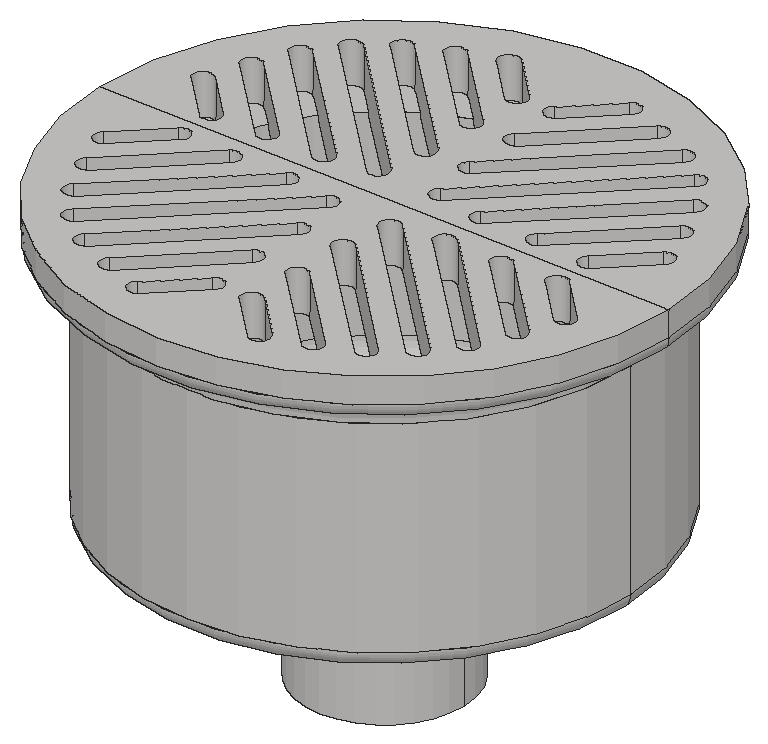
Revit family
Parameters (values of type "9614-2"")
  Width = 8"
  Waste Connection Radius = 1"
  Waste Connection Diameter = Waste Connection Radius * 2  # 2"
  Waste Connection = yes
  Vent Connection = no
  URL = "www.jrsmith.com"
  Price = "Prices may vary. Please consult Manufacturer Representative for most up-to-date price list."  # constant formula
  Phone Number = "416-250-5656"  # constant formula
  Omniclass Table 23 Title = "Waste Water Drains"  # constant formula
  Omniclass Table 23 Code = "23.70.50.21.24"  # constant formula
  Model = "9614-2\""
  Material = Metal-Jay R Smith-Stainless Steel
  Masterformat Title = "Sanitary Drains"  # constant formula
  Masterformat Number = "22 13 19.13"  # constant formula
  Manufacturer = "Jay R. Smith"
  Length = Width  # 8"
  Height = 6"
  HW Connection = no
  Description = "8\" Round top general purpose floor drain for medium duty use."
  Default Elevation = 0"
  Creation Date = "27/10/2014"  # constant formula
  Created By = "Allied Technical Services"  # constant formula
  CW Connection = no
  Assembly Code = "D2030300"
  ATS URL = "http://www.atsspec.net"
Types (7): name | Waste Connection Radius | Waste Connection Diameter | Model | Height
  (no name) | 1" | 2" | "9614-2\"" | 6"
  9614-2" | 1" | 2" | "9614-2\"" | 6"
  9614-3" | 1 1/2" | 3" | "9614-3\"" | 6"
  9614-4" | 2" | 4" | "9614-4\"" | 6"
  9615-2" | 1" | 2" | "9615-2\"" | 8"
  9615-3" | 1 1/2" | 3" | "9615-3\"" | 8"
  9615-4" | 2" | 4" | "9615-4\"" | 8"
Reference planes (in)
  plane 1 "Center (Front/Back)": y = 0
  plane 2: z = 0
  plane 3 "Center (Left/Right)": x = 0
  plane 4: x = -4
  plane 5: x = 4
  plane 6: z = 6
  plane 7: z = 2
  plane 8: x = -1
  plane 9: x = 1
  plane 10: x = 0
  plane 11: y = 2.66774
  plane 12: x = -0.26831
  plane 13: y = 0.28125
  plane 14: y = 0
  plane 15: z = 5.4312
Forms (in)
  Revolve 1, solid, material "Metal-Jay R Smith-Stainless Steel" <- "Material"
    sketch origin (0, 0, 0) x (1, 0, 0) y (0, 0, 1)
      loop
        line (-4, 6) -> (-4, 5.64194)
        arc (-4, 5.64194) -> (-3.93828, 5.49293) -> (-3.78926, 5.4312) r 0.21074
        arc (-3.78926, 5.4312) -> (-3.55681, 5.33492) -> (-3.46053, 5.10248) r 0.32872
        line (-3.46053, 5.10248) -> (-3.46053, 2.21875)
        arc (-3.46053, 2.21875) -> (-3.39646, 2.06407) -> (-3.24178, 2) r 0.21875
        line (-3.24178, 2) -> (-1.125, 2) -> (-1.125, 0) -> (-1, 0) -> (-1, 2.25) -> (-2.58944, 2.25)
        arc (-2.58944, 2.25) -> (-2.85184, 2.35869) -> (-2.96053, 2.62109) r 0.37109
        line (-2.96053, 2.62109) -> (-2.96053, 5.4312) -> (0, 5.4312) -> (0, 6) -> (-4, 6)
      axis (0, 6) -> (0, 0)
    angle from 0 to 360
  Extrusion 2, void
    sketch origin (21.87203, 19.47085, 0) x (1, 0, 0) y (0, 1, 0)
      loop
        line (-24.99062, -18.12918) -> (-23.87496, -19.24484)
        arc (-23.87496, -19.24484) -> (-23.67609, -19.24484) -> (-23.67609, -19.04596) r 0.14063
        line (-23.67609, -19.04596) -> (-24.79175, -17.9303)
        arc (-24.79175, -17.9303) -> (-24.99062, -17.9303) -> (-24.99062, -18.12918) r 0.14062
      loop
        line (-24.74202, -17.58229) -> (-23.07947, -19.24484)
        arc (-23.07947, -19.24484) -> (-22.88059, -19.24484) -> (-22.88059, -19.04596) r 0.14062
        line (-22.88059, -19.04596) -> (-24.54315, -17.38341)
        arc (-24.54315, -17.38341) -> (-24.74202, -17.38341) -> (-24.74202, -17.58229) r 0.14062
      loop
        line (-24.3911, -17.13771) -> (-22.40897, -19.11984)
        arc (-22.40897, -19.11984) -> (-22.2101, -19.11984) -> (-22.2101, -18.92096) r 0.14063
        line (-22.2101, -18.92096) -> (-24.19223, -16.93883)
        arc (-24.19223, -16.93883) -> (-24.3911, -16.93883) -> (-24.3911, -17.13771) r 0.14062
      loop
        line (-23.94652, -16.78679) -> (-22.28397, -18.44934)
        arc (-22.28397, -18.44934) -> (-22.0851, -18.44934) -> (-22.0851, -18.25047) r 0.14062
        line (-22.0851, -18.25047) -> (-23.74765, -16.58792)
        arc (-23.74765, -16.58792) -> (-23.94652, -16.58792) -> (-23.94652, -16.78679) r 0.14062
      loop
        line (-23.39963, -16.53819) -> (-22.28397, -17.65385)
        arc (-22.28397, -17.65385) -> (-22.0851, -17.65385) -> (-22.0851, -17.45497) r 0.14063
        line (-22.0851, -17.45497) -> (-23.20076, -16.33931)
        arc (-23.20076, -16.33931) -> (-23.39963, -16.33931) -> (-23.39963, -16.53819) r 0.14062
      loop
        line (-22.82511, -16.31721) -> (-22.23978, -16.90255)
        arc (-22.23978, -16.90255) -> (-22.0409, -16.90255) -> (-22.0409, -16.70367) r 0.14062
        line (-22.0409, -16.70367) -> (-22.62614, -16.11843)
        arc (-22.62614, -16.11843) -> (-22.82506, -16.11829) -> (-22.82511, -16.31721) r 0.14063
      loop
        line (-25.21164, -18.70366) -> (-24.62626, -19.28903)
        arc (-24.62626, -19.28903) -> (-24.42739, -19.28903) -> (-24.42739, -19.09016) r 0.14063
        line (-24.42739, -19.09016) -> (-25.0128, -18.50475)
        arc (-25.0128, -18.50475) -> (-25.21161, -18.50485) -> (-25.21164, -18.70366) r 0.14063
      loop
        arc (-18.75344, -18.12918) -> (-18.75344, -17.9303) -> (-18.95232, -17.9303) r 0.14062
        line (-18.95232, -17.9303) -> (-20.06798, -19.04596)
        arc (-20.06798, -19.04596) -> (-20.06798, -19.24484) -> (-19.86911, -19.24484) r 0.14063
        line (-19.86911, -19.24484) -> (-18.75344, -18.12918)
      loop
        arc (-19.00205, -17.58229) -> (-19.00205, -17.38341) -> (-19.20092, -17.38341) r 0.14062
        line (-19.20092, -17.38341) -> (-20.86348, -19.04596)
        arc (-20.86348, -19.04596) -> (-20.86348, -19.24484) -> (-20.6646, -19.24484) r 0.14062
        line (-20.6646, -19.24484) -> (-19.00205, -17.58229)
      loop
        arc (-19.35297, -17.13771) -> (-19.35297, -16.93883) -> (-19.55184, -16.93883) r 0.14062
        line (-19.55184, -16.93883) -> (-21.53397, -18.92096)
        arc (-21.53397, -18.92096) -> (-21.53397, -19.11984) -> (-21.3351, -19.11984) r 0.14063
        line (-21.3351, -19.11984) -> (-19.35297, -17.13771)
      loop
        arc (-19.79754, -16.78679) -> (-19.79754, -16.58792) -> (-19.99642, -16.58792) r 0.14062
        line (-19.99642, -16.58792) -> (-21.65897, -18.25047)
        arc (-21.65897, -18.25047) -> (-21.65897, -18.44934) -> (-21.4601, -18.44934) r 0.14062
        line (-21.4601, -18.44934) -> (-19.79754, -16.78679)
      loop
        arc (-20.34443, -16.53819) -> (-20.34443, -16.33931) -> (-20.54331, -16.33931) r 0.14062
        line (-20.54331, -16.33931) -> (-21.65897, -17.45497)
        arc (-21.65897, -17.45497) -> (-21.65897, -17.65385) -> (-21.4601, -17.65385) r 0.14063
        line (-21.4601, -17.65385) -> (-20.34443, -16.53819)
      loop
        arc (-20.91896, -16.31721) -> (-20.919, -16.11829) -> (-21.11792, -16.11843) r 0.14063
        line (-21.11792, -16.11843) -> (-21.70316, -16.70367)
        arc (-21.70316, -16.70367) -> (-21.70316, -16.90255) -> (-21.50429, -16.90255) r 0.14062
        line (-21.50429, -16.90255) -> (-20.91896, -16.31721)
      loop
        arc (-18.53243, -18.70366) -> (-18.53245, -18.50485) -> (-18.73127, -18.50475) r 0.14063
        line (-18.73127, -18.50475) -> (-19.31668, -19.09016)
        arc (-19.31668, -19.09016) -> (-19.31668, -19.28903) -> (-19.11781, -19.28903) r 0.14063
        line (-19.11781, -19.28903) -> (-18.53243, -18.70366)
      loop
        arc (-24.99062, -20.81252) -> (-24.99062, -21.01139) -> (-24.79175, -21.01139) r 0.14062
        line (-24.79175, -21.01139) -> (-23.67609, -19.89573)
        arc (-23.67609, -19.89573) -> (-23.67609, -19.69685) -> (-23.87496, -19.69685) r 0.14063
        line (-23.87496, -19.69685) -> (-24.99062, -20.81252)
      loop
        arc (-24.74202, -21.35941) -> (-24.74202, -21.55828) -> (-24.54315, -21.55828) r 0.14062
        line (-24.54315, -21.55828) -> (-22.88059, -19.89573)
        arc (-22.88059, -19.89573) -> (-22.88059, -19.69685) -> (-23.07947, -19.69685) r 0.14062
        line (-23.07947, -19.69685) -> (-24.74202, -21.35941)
      loop
        arc (-24.3911, -21.80398) -> (-24.3911, -22.00286) -> (-24.19223, -22.00286) r 0.14062
        line (-24.19223, -22.00286) -> (-22.2101, -20.02073)
        arc (-22.2101, -20.02073) -> (-22.2101, -19.82185) -> (-22.40897, -19.82185) r 0.14063
        line (-22.40897, -19.82185) -> (-24.3911, -21.80398)
      loop
        arc (-23.94652, -22.1549) -> (-23.94652, -22.35377) -> (-23.74765, -22.35377) r 0.14062
        line (-23.74765, -22.35377) -> (-22.0851, -20.69122)
        arc (-22.0851, -20.69122) -> (-22.0851, -20.49235) -> (-22.28397, -20.49235) r 0.14062
        line (-22.28397, -20.49235) -> (-23.94652, -22.1549)
      loop
        arc (-23.39963, -22.40351) -> (-23.39963, -22.60238) -> (-23.20076, -22.60238) r 0.14062
        line (-23.20076, -22.60238) -> (-22.0851, -21.48672)
        arc (-22.0851, -21.48672) -> (-22.0851, -21.28784) -> (-22.28397, -21.28784) r 0.14063
        line (-22.28397, -21.28784) -> (-23.39963, -22.40351)
      loop
        arc (-22.82511, -22.62448) -> (-22.82506, -22.8234) -> (-22.62614, -22.82326) r 0.14063
        line (-22.62614, -22.82326) -> (-22.0409, -22.23802)
        arc (-22.0409, -22.23802) -> (-22.0409, -22.03914) -> (-22.23978, -22.03914) r 0.14062
        line (-22.23978, -22.03914) -> (-22.82511, -22.62448)
      loop
        arc (-25.21164, -20.23803) -> (-25.21161, -20.43685) -> (-25.0128, -20.43695) r 0.14063
        line (-25.0128, -20.43695) -> (-24.42739, -19.85153)
        arc (-24.42739, -19.85153) -> (-24.42739, -19.65266) -> (-24.62626, -19.65266) r 0.14063
        line (-24.62626, -19.65266) -> (-25.21164, -20.23803)
      loop
        line (-18.75344, -20.81252) -> (-19.86911, -19.69685)
        arc (-19.86911, -19.69685) -> (-20.06798, -19.69685) -> (-20.06798, -19.89573) r 0.14063
        line (-20.06798, -19.89573) -> (-18.95232, -21.01139)
        arc (-18.95232, -21.01139) -> (-18.75344, -21.01139) -> (-18.75344, -20.81252) r 0.14062
      loop
        line (-19.00205, -21.35941) -> (-20.6646, -19.69685)
        arc (-20.6646, -19.69685) -> (-20.86348, -19.69685) -> (-20.86348, -19.89573) r 0.14062
        line (-20.86348, -19.89573) -> (-19.20092, -21.55828)
        arc (-19.20092, -21.55828) -> (-19.00205, -21.55828) -> (-19.00205, -21.35941) r 0.14062
      loop
        line (-19.35297, -21.80398) -> (-21.3351, -19.82185)
        arc (-21.3351, -19.82185) -> (-21.53397, -19.82185) -> (-21.53397, -20.02073) r 0.14063
        line (-21.53397, -20.02073) -> (-19.55184, -22.00286)
        arc (-19.55184, -22.00286) -> (-19.35297, -22.00286) -> (-19.35297, -21.80398) r 0.14062
      loop
        line (-19.79754, -22.1549) -> (-21.4601, -20.49235)
        arc (-21.4601, -20.49235) -> (-21.65897, -20.49235) -> (-21.65897, -20.69122) r 0.14062
        line (-21.65897, -20.69122) -> (-19.99642, -22.35377)
        arc (-19.99642, -22.35377) -> (-19.79754, -22.35377) -> (-19.79754, -22.1549) r 0.14062
      loop
        line (-20.34443, -22.40351) -> (-21.4601, -21.28784)
        arc (-21.4601, -21.28784) -> (-21.65897, -21.28784) -> (-21.65897, -21.48672) r 0.14063
        line (-21.65897, -21.48672) -> (-20.54331, -22.60238)
        arc (-20.54331, -22.60238) -> (-20.34443, -22.60238) -> (-20.34443, -22.40351) r 0.14062
      loop
        line (-20.91896, -22.62448) -> (-21.50429, -22.03914)
        arc (-21.50429, -22.03914) -> (-21.70316, -22.03914) -> (-21.70316, -22.23802) r 0.14062
        line (-21.70316, -22.23802) -> (-21.11792, -22.82326)
        arc (-21.11792, -22.82326) -> (-20.919, -22.8234) -> (-20.91896, -22.62448) r 0.14063
      loop
        line (-18.53243, -20.23803) -> (-19.11781, -19.65266)
        arc (-19.11781, -19.65266) -> (-19.31668, -19.65266) -> (-19.31668, -19.85153) r 0.14063
        line (-19.31668, -19.85153) -> (-18.73127, -20.43695)
        arc (-18.73127, -20.43695) -> (-18.53245, -20.43685) -> (-18.53243, -20.23803) r 0.14063
    from 5.4312 to 9.81898
Cuts and joins
  Extrusion 2 cuts Revolve 1
Dimensions and locks (in)
  "Height": plane 6 to plane 2
  "Waste Connection Diameter": plane 9 to plane 8
  "Width": plane 5 to plane 4
  plane 7 to level = 2"
  equal spacing: plane 9, plane 3 "Center (Left/Right)", plane 8
  equal spacing: plane 5, plane 3 "Center (Left/Right)", plane 4
  locked: plane 8 to Revolve 1 sketch curve at 0.125
  plane 6 to plane 7 = 4"
  locked: plane 6 to plane 15 at 0.5688
  aligned and locked: plane 8 to Revolve 1 sketch curve
  aligned and locked: cut or joined group of Revolve 1, Extrusion 2 to plane 15
Automatic sketch dimensions
  plane 13 to Extrusion 2 sketch curve = 0"  (x2)
  Extrusion 2 sketch curve to plane 11 = 0"
  Extrusion 2 sketch curve to plane 12 = 0"  (x2)
  plane 11 to Extrusion 2 sketch curve = 0"
  plane 12 to Extrusion 2 sketch curve = 0.04419"  (x4)
  plane 12 to Extrusion 2 sketch curve = 0.06976"  (x2)
  plane 12 to Extrusion 2 sketch curve = 0.09944"  (x2)
  Extrusion 2 sketch curve to Extrusion 2 sketch curve = 0.09944"  (x120)
  Extrusion 2 sketch curve to plane 13 = 0.06976"  (x2)
  plane 12 to Extrusion 2 sketch curve = 0.4858"  (x2)
  Extrusion 2 sketch curve to Extrusion 2 sketch curve = 0.09953"  (x4)
  Extrusion 2 sketch curve to plane 13 = 0.14363"  (x4)
  Extrusion 2 sketch curve to Extrusion 2 sketch curve = 0.47162"  (x8)
  Extrusion 2 sketch curve to plane 13 = 0.04419"  (x4)
  plane 13 to Extrusion 2 sketch curve = 0.05524"  (x4)
  plane 11 to Extrusion 2 sketch curve = 0.4638"
  Extrusion 2 sketch curve to Extrusion 2 sketch curve = 0.37565"  (x4)
  plane 11 to Extrusion 2 sketch curve = 0.26492"  (x2)
  Extrusion 2 sketch curve to Extrusion 2 sketch curve = 0.59662"  (x7)
  Extrusion 2 sketch curve to Extrusion 2 sketch curve = 0.34802"  (x7)
  plane 11 to Extrusion 2 sketch curve = 0.21519"  (x2)
  plane 11 to Extrusion 2 sketch curve = 0.01632"  (x2)
  Extrusion 2 sketch curve to plane 11 = 0.13572"  (x2)
  Extrusion 2 sketch curve to Extrusion 2 sketch curve = 0.2457"  (x6)
  plane 14 to Extrusion 2 sketch curve = 0.38069"  (x2)
  Extrusion 2 sketch curve to Extrusion 2 sketch curve = 0.55243"  (x6)
  Extrusion 2 sketch curve to plane 13 = 0.09944"  (x2)
  Extrusion 2 sketch curve to Extrusion 2 sketch curve = 0.15204"  (x6)
  plane 13 to Extrusion 2 sketch curve = 0.09944"  (x2)
  plane 14 to Extrusion 2 sketch curve = 0.18181"  (x2)
  Extrusion 2 sketch curve to plane 11 = 1.12719"  (x2)
  Extrusion 2 sketch curve to Extrusion 2 sketch curve = 0.04973"  (x6)
  Extrusion 2 sketch curve to plane 13 = 1.06042"
  Extrusion 2 sketch curve to Extrusion 2 sketch curve = 0.02218"  (x4)
  Extrusion 2 sketch curve to Extrusion 2 sketch curve = 0.09936"  (x4)
  plane 14 to Extrusion 2 sketch curve = 0.76719"
  Extrusion 2 sketch curve to Extrusion 2 sketch curve = 0.09948"  (x4)
  Extrusion 2 sketch curve to plane 12 = 0.05524"  (x4)
  Extrusion 2 sketch curve to plane 12 = 0.09944"  (x2)
  plane 10 to Extrusion 2 sketch curve = 0.16887"  (x2)
  plane 10 to Extrusion 2 sketch curve = 0.21306"  (x4)
  plane 10 to Extrusion 2 sketch curve = 0.33806"  (x2)
  plane 10 to Extrusion 2 sketch curve = 0.75411"  (x2)
  plane 14 to Extrusion 2 sketch curve = 0.42488"  (x4)
  plane 14 to Extrusion 2 sketch curve = 0.22601"
  Extrusion 2 sketch curve to plane 11 = 0.77917"
  plane 14 to Extrusion 2 sketch curve = 1.34167"
  Extrusion 2 sketch curve to Extrusion 2 sketch curve = 0.57448"
  plane 14 to Extrusion 2 sketch curve = 1.817"
  Extrusion 2 sketch curve to Extrusion 2 sketch curve = 0"  (x2)
  Extrusion 2 sketch curve to Extrusion 2 sketch curve = 0.0221"  (x4)
  Extrusion 2 sketch curve to Extrusion 2 sketch curve = 0.19891"
  Extrusion 2 sketch curve to Extrusion 2 sketch curve = 0.37557"
  Extrusion 2 sketch curve to Extrusion 2 sketch curve = 0.09952"
  Extrusion 2 sketch curve to plane 13 = 0.48594"  (x2)
  Extrusion 2 sketch curve to Extrusion 2 sketch curve = 0.09939"  (x2)
  Extrusion 2 sketch curve to Extrusion 2 sketch curve = 0.19887"  (x3)
  Extrusion 2 sketch curve to plane 11 = 0.09944"  (x2)
  Revolve 1 sketch curve to plane 4 = 0"
  Revolve 1 sketch curve to plane 7 = 0"
  Revolve 1 sketch curve to plane 3 "Center (Left/Right)" = 0"  (x2)
  Revolve 1 sketch curve to level = 0"
  Revolve 1 sketch curve to plane 6 = 0"
  plane 4 to Revolve 1 sketch curve = 0.21074"
  plane 7 to Revolve 1 sketch curve = 7/32"
  plane 4 to Revolve 1 sketch curve = 0.53947"
  Revolve 1 sketch curve to Revolve 1 sketch curve = 1/2"
  plane 7 to Revolve 1 sketch curve = 1/4"
  Revolve 1 sketch curve to Revolve 1 sketch curve = 95/256"
  Revolve 1 sketch curve to level = 2 1/2"
  Revolve 1 sketch curve to Revolve 1 sketch curve = 0.64812"
  Revolve 1 sketch curve to plane 6 = 0.89752"
  Revolve 1 sketch curve to Revolve 1 sketch curve = 0"
  Revolve 1 sketch curve to plane 6 = 0.5688"
Connectors (in)
  piping at (0, 0, 0), driven by "Waste Connection Radius"
    settings: on cut or joined group of Revolve 1, Extrusion 2, index 1
